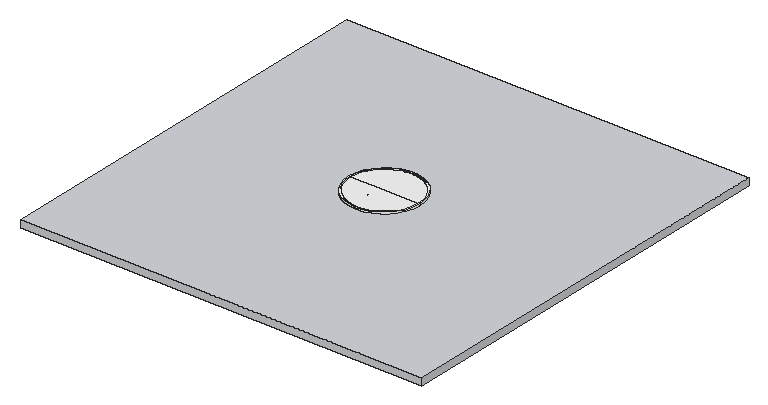
Revit family "Thorn OMEGA C", category Lighting Fixtures, host Face, Revit 2016
Family settings
  Host = Face
  Part Type = Normal
  Round Connector Dimension = Use Diameter
  OmniClass Number = 23.80.70.11
  OmniClass Title = Luminaries for Internal Lighting
  Cut with Voids When Loaded = No
  Light Source = Yes
  Shared = No
  Room Calculation Point = No
Parameters (values of type "OMEGA C LED3200 R500")
  Width = 500 mm
  Wattage Comments = ""
  Wattage = 22.7141 W
  built-in parameter 1150110 = 1 (stored number, unit not read)
  Voltage = 230 V
  URL = "www.thornlighting.com/96627779"
  Type Comments = "© Thorn. We reserve the right to make technical changes without prior notice."  # constant formula
  built-in parameter 1114217 = 1 (stored number, unit not read)
  Tilt Angle = -90.00°
  built-in parameter 1150109 = 1 (stored number, unit not read)
  built-in parameter 1150134 = (empty or 0)
  Surface Mount [instance] = yes
  built-in parameter 1150113 = 1 (stored number, unit not read)
  Recessed [instance] = not(Surface Mount)  # no
  Photometric Web File = "TLTP_OMGC_500R.IES"
  Offset [instance] = if(Recessed, 44 mm, 0 mm)  # 0 mm
  Model = "96627779"
  Manufacturer = "Thorn Lighting"  # constant formula
  built-in parameter 1150105 = 1135 (stored number, unit not read)
  Lumens = 3374 lm
  built-in parameter 1150115 = 1 (stored number, unit not read)
  built-in parameter 1150137 = (empty or 0)
  built-in parameter 1150139 = (empty or 0)
  Length = Width  # 500 mm
  built-in parameter 1150112 = 1 (stored number, unit not read)
  built-in parameter 1150114 = 1 (stored number, unit not read)
  Lamp = "LED"
  built-in parameter 1150132 = 2
  built-in parameter 1150102 = (empty or 0)
  built-in parameter 1150107 = 3000 (stored number, unit not read)
  built-in parameter 1150138 = (empty or 0)
  built-in parameter 1150106 = 11.35 (stored number, unit not read)
  Height = 55 mm  # constant formula
  Emit from Circle Diameter = Width - 20 mm  # 480 mm
  Emit Shape Visible in Rendering = no
  built-in parameter 1150104 = 13.8 (stored number, unit not read)
  Dimming Lamp Color Temperature Shift = <None>
  Description = "LED luminaire"  # constant formula
  Default Elevation = 0 mm
  Cover = Thorn_PMMA
  Color Filter = 16777215
  Body = Thorn_Metal_White
  built-in parameter 1114218 = 1 (stored number, unit not read)
  built-in parameter 1150133 = 10 (stored number, unit not read)
  Assembly Code = "D5020200"
  Apparent Load = 42 VA
Types (3, lengths in mm): name | Width | Wattage | URL | Surface Mount | Recessed | Photometric Web File | Offset | Model | built-in parameter 1150105 | Lumens | Length | built-in parameter 1150106 | Emit from Circle Diameter | Apparent Load
  OMEGA C LED1500 R300 | 400 | 17.8333 W | "www.thornlighting.com/96627771" | yes | no | "TLTP_OMGC_400R.IES" | 0 | "96627771" | 869.4 (stored number, unit not read) | 2649 lm | 400 | 8.694 (stored number, unit not read) | 380 | 33 VA
  OMEGA C LED2800 R400 | 400 | 17.8333 W | "www.thornlighting.com/96627771" | no | yes | "TLTP_OMGC_400R.IES" | 44 | "96627771" | 869.4 (stored number, unit not read) | 2649 lm | 400 | 8.694 (stored number, unit not read) | 380 | 33 VA
  OMEGA C LED3200 R500 | 500 | 22.7141 W | "www.thornlighting.com/96627779" | yes | no | "TLTP_OMGC_500R.IES" | 0 | "96627779" | 1135 (stored number, unit not read) | 3374 lm | 500 | 11.35 (stored number, unit not read) | 480 | 42 VA
Reference planes
  plane 1 "Center (Front/Back)": y = 0
  plane 2 "Top": z = 0
  plane 3 "Center (Left/Right)": x = 399.5
  plane 4: y = 250
  plane 5 "Bottom": y = -250
  plane 6 "Left": x = 149.5
  plane 7 "Right": x = 649.5
  plane 8 "Cover": z = 0
  plane 9: y = 27.5
  plane 10: y = -27.5
  plane 11: x = 306
  plane 12: z = 55
  plane 13: x = 291
  plane 14: x = 508
  plane 15 "Cut": z = 55
Forms (mm)
  Extrusion 1, solid
    sketch origin (0, 0, 0) x (1, 0, 0) y (0, 1, 0)
      loop
        line (-1010.5, 1431.145) -> (-1010.5, -1431.145) -> (1809.5, -1431.145) -> (1809.5, 1431.145) -> (-1010.5, 1431.145)
    from 0 to -52.502
  Revolve 2, solid, material "Thorn_Metal_White" <- "Body"
    sketch origin (0, 0, 0) x (1, 0, 0) y (0, 0, 1)
      loop
        line (159.5, 55) -> (149.5, 55) -> (149.5, 44) -> (296, 44)
        arc (296, 44) -> (303.071, 41.071) -> (306, 34) r 10
        line (306, 34) -> (306, 0) -> (399.5, 0) -> (399.5, 52.5) -> (159.5, 52.5) -> (159.5, 55)
      axis (399.5, 55) -> (399.5, 0)
    angle from 0 to 360
  Extrusion 3, void
    sketch origin (0, 0, 55) x (-1, 0, 0) y (0, -1, 0)
      loop
        circle (-399.5, 0) r 108.5
    from 0 to -55
Dimensions and locks
  "Length": plane 6 "Left" to plane 7 "Right"
  equal spacing: plane 6 "Left", plane 3 "Center (Left/Right)", plane 7 "Right"
  "Offset": plane 2 "Top" to plane 8 "Cover"
  equal spacing: plane 5 "Bottom", plane 1 "Center (Front/Back)", plane 4
  "Width": plane 5 "Bottom" to plane 4
  locked: plane 11 to plane 3 "Center (Left/Right)" at 93.5
  "Height": plane 12 to plane 8 "Cover"
  locked: plane 11 to plane 13 at 15
  aligned and locked: Extrusion 1 to plane 2 "Top"
  aligned and locked: Revolve 2 sketch curve to plane 11
  aligned and locked: plane 12 to Revolve 2 sketch curve
  aligned and locked: Revolve 2 sketch curve to plane 8 "Cover"
  aligned and locked: plane 12 to imposter light
  aligned and locked: plane 12 to plane 15 "Cut"
Automatic sketch dimensions
  Extrusion 1 sketch curve to Extrusion 1 sketch curve = 2820 mm
  Extrusion 1 sketch curve to Extrusion 1 sketch curve = 2862.29 mm
  plane 3 "Center (Left/Right)" to Revolve 2 sketch curve = 0 mm  (x2)
  plane 8 "Cover" to Revolve 2 sketch curve = 34 mm
  Revolve 2 sketch curve to Revolve 2 sketch curve = 10 mm
  Revolve 2 sketch curve to level = 27.47 mm
  Revolve 2 sketch curve to Revolve 2 sketch curve = 55 mm
  plane 6 "Left" to Revolve 2 sketch curve = 10 mm
  Revolve 2 sketch curve to plane 6 "Left" = 0 mm
  plane 8 "Cover" to Revolve 2 sketch curve = 52.5 mm
  plane 1 "Center (Front/Back)" to Extrusion 3 sketch curve = 0 mm
  Extrusion 3 sketch curve to plane 3 "Center (Left/Right)" = 0 mm
  radius of Extrusion 3 sketch curve = 108.5 mm
Connectors
  electrical at (399.5, 0, 0), driven by "Voltage", driven by "Apparent Load"
    settings: on Revolve 2, index 1, voltage 230 V, apparent load 42 VA, apparent load phase1 0 VA, apparent load phase2 0 VA, apparent load phase3 0 VA, power factor 1, load classification "Lighting", number of poles 1, system type 30, power factor state 1, is connector primary yes, connector utility no, sub classification motor no, connector description "Power"
